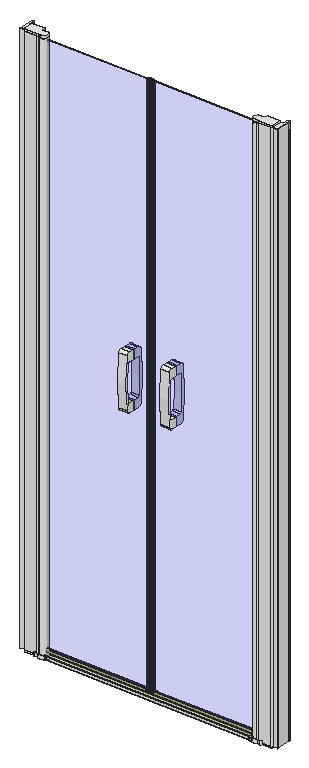
Revit family "SL2", category Plumbing Fixtures, Revit 2015
Parameters (values of type "900")
  Seal = Seal
  Glass = Glass
  Chrome = Chrome - Polished
  Aluminium = Aluminum - Polished
  A = 900 mm
  URL = "http://www.sanswiss.com/"
  Type Comments = ""
  Model = "SL2"
  Manufacturer = "SanSwiss"
Types (7, lengths in mm): name | A
  (no name) | 900
  700 | 700
  750 | 750
  800 | 800
  900 | 900
  1000 | 1000
  1200 | 1200
Reference planes
  plane 1 "Center (Front/Back)": y = 0
  plane 2: z = 0
  plane 3 "Center (Left/Right)": x = 0
  plane 4 "Back": y = 1900
  plane 5 "Left": x = -900
  plane 6: y = 1825.1
  plane 7: x = -806.4
  plane 8: y = 1828.3
  plane 9: x = -828.9
  plane 10 "middle": x = -450
  plane 11: x = -6.7
  plane 12: x = -457.069
  plane 13: x = -442.439
  plane 14: x = -508.85
  plane 15: x = -391.15
  plane 16: x = -838.856
  plane 17: x = -811.4
Forms (mm)
  Sweep 1, solid, material "Aluminum - Polished" <- "Aluminium"
    path origin (-10, 0, 0) x (1, 0, 0) y (0, 0, 1)
      loop
        line (-900, 4) -> (-900, 1946)
    profile origin (-910, 0, 975) x (-1, 0, 0) y (0, -1, 0)
      loop
        line (-35.676, -44.4) -> (-33.876, -42.6) -> (-18.652, -42.6)
        arc (-18.652, -42.6) -> (-17.142, -43.982) -> (-16.7, -45.981) r 3.398
        line (-16.7, -45.981) -> (-16.7, -61.6)
        arc (-16.7, -61.6) -> (-16.114, -63.014) -> (-14.7, -63.6) r 2
        line (-14.7, -63.6) -> (-11.132, -63.6)
        arc (-11.132, -63.6) -> (-10.555, -63.318) -> (-10.422, -62.691) r 0.732
        arc (-10.422, -62.691) -> (-9.569, -62.097) -> (-10, -61.151) r 0.812
        line (-10, -61.151) -> (-10, -11.787)
        arc (-10, -11.787) -> (-9.501, -11.09) -> (-10.01, -10.4) r 0.729
        line (-10.01, -10.4) -> (-26.3, -10.4) -> (-30.3, -6.4) -> (-71.884, -6.4) -> (-74.546, -9.061)
        arc (-74.546, -9.061) -> (-75.11, -9.818) -> (-75.165, -10.761) r 1.644
        arc (-75.165, -10.761) -> (-72.616, -20.38) -> (-77.164, -29.231) r 13.872
        line (-77.164, -29.231) -> (-81.522, -30.522)
        arc (-81.522, -30.522) -> (-81.818, -31.13) -> (-81.238, -31.479) r 0.501
        line (-81.238, -31.479) -> (-76.826, -30.59)
        arc (-76.826, -30.59) -> (-76.408, -30.336) -> (-76.248, -29.874) r 0.72
        arc (-76.248, -29.874) -> (-75.55, -29.599) -> (-74.801, -29.583) r 2.127
        arc (-74.801, -29.583) -> (-72.782, -30.26) -> (-71.1, -31.566) r 6.362
        line (-71.1, -31.566) -> (-71.1, -42.6)
        arc (-71.1, -42.6) -> (-70.573, -43.872) -> (-69.3, -44.4) r 1.8
        line (-69.3, -44.4) -> (-35.676, -44.4)
  Sweep 2, solid, material "Chrome - Polished" <- "Chrome"
    path origin (0, 0, 0) x (1, 0, 0) y (0, 0, 1)
      loop
        line (-900, 1946) -> (-900, 1947)
    profile origin (-900, 0, 1946.5) x (-1, 0, 0) y (0, -1, 0)
      loop
        line (0, -62.594) -> (0, -11.426)
        arc (0, -11.426) -> (-0.301, -10.7) -> (-1.027, -10.4) r 1.027
        line (-1.027, -10.4) -> (-33.876, -10.4) -> (-33.876, -42.6) -> (-8.652, -42.6)
        arc (-8.652, -42.6) -> (-7.142, -43.982) -> (-6.7, -45.981) r 3.398
        line (-6.7, -45.981) -> (-6.7, -61.6)
        arc (-6.7, -61.6) -> (-6.114, -63.014) -> (-4.7, -63.6) r 2
        line (-4.7, -63.6) -> (-1, -63.6) -> (-1, -62.594) -> (0, -62.594)
  Sweep 3, solid, material "Chrome - Polished" <- "Chrome"
    path origin (-9.957, 0, 0) x (1, 0, 0) y (0, 0, 1)
      loop
        line (-900, 1946) -> (-900, 1951)
    profile origin (-909.957, 0, 1948.5) x (-1, 0, 0) y (0, -1, 0)
      loop
        line (-26.3, -10.4) -> (-30.3, -6.4) -> (-71.884, -6.4) -> (-73.884, -8.4) -> (-79.172, -8.4)
        arc (-79.172, -8.4) -> (-98.11, -15.238) -> (-86.1, -31.4) r 12.543
        line (-86.1, -31.4) -> (-74.1, -31.4)
        arc (-74.1, -31.4) -> (-71.979, -32.278) -> (-71.1, -34.4) r 3
        line (-71.1, -34.4) -> (-71.1, -42.6)
        arc (-71.1, -42.6) -> (-70.573, -43.872) -> (-69.3, -44.4) r 1.8
        line (-69.3, -44.4) -> (-35.676, -44.4) -> (-33.876, -42.6) -> (-26.851, -42.6)
        arc (-26.851, -42.6) -> (-26.461, -42.438) -> (-26.3, -42.049) r 0.551
        line (-26.3, -42.049) -> (-26.3, -10.4)
  Sweep 4, solid, material "Chrome - Polished" <- "Chrome"
    path origin (-9.957, 0, 0) x (1, 0, 0) y (0, 0, 1)
      loop
        line (-900, 0) -> (-900, 4)
    profile origin (-909.957, 0, 2) x (-1, 0, 0) y (0, -1, 0)
      loop
        line (-26.3, -42.6) -> (-26.3, -10.4) -> (-30.3, -6.4) -> (-71.884, -6.4) -> (-73.884, -8.4) -> (-79.172, -8.4)
        arc (-79.172, -8.4) -> (-98.11, -15.238) -> (-86.1, -31.4) r 12.543
        line (-86.1, -31.4) -> (-74.1, -31.4)
        arc (-74.1, -31.4) -> (-72.049, -32.208) -> (-71.1, -34.197) r 3.007
        line (-71.1, -34.197) -> (-71.1, -42.6)
        arc (-71.1, -42.6) -> (-70.573, -43.872) -> (-69.3, -44.4) r 1.8
        line (-69.3, -44.4) -> (-35.676, -44.4) -> (-33.876, -42.6) -> (-26.3, -42.6)
  Sweep 5, solid, material "Aluminum - Polished" <- "Aluminium"
    path origin (-10, 0, 0) x (1, 0, 0) y (0, 0, 1)
      loop
        line (-900, 4) -> (-900, 1940)
    profile origin (-910, 0, 972) x (-1, 0, 0) y (0, -1, 0)
      loop
        arc (-86.1, -31.4) -> (-74.09, -22.474) -> (-79.172, -8.4) r 12.543
        arc (-79.172, -8.4) -> (-98.11, -15.238) -> (-86.1, -31.4) r 12.543
  Extrusion 6, solid, material "Glass" <- "Glass"
    sketch origin (0, 0, 1950) x (-1, 0, 0) y (0, -1, 0)
      loop
        line (828.9, -21.9) -> (828.9, -15.9) -> (457.069, -15.9) -> (457.069, -21.9) -> (828.9, -21.9)
      loop
        line (442.439, -15.9) -> (78.204, -15.9) -> (78.204, -21.9) -> (442.439, -21.9) -> (442.439, -15.9)
    from -1934.5 to -11.5
  Extrusion 7, solid, material "Seal" <- "Seal"
    sketch origin (900, 0, 0) x (0, 1, 0) y (0, 0, 1)
      loop
        arc (16.331, 27.5) -> (15.637, 27.245) -> (15.333, 26.57) r 0.955
        line (15.333, 26.57) -> (14.507, 16.692)
        arc (14.507, 16.692) -> (15.106, 14.943) -> (16.799, 14.2) r 2.3
        line (16.799, 14.2) -> (18.287, 14.2)
        arc (18.287, 14.2) -> (18.558, 13.566) -> (18.688, 12.889) r 3.217
        arc (18.688, 12.889) -> (18.652, 12.266) -> (18.499, 11.661) r 3.299
        line (18.499, 11.661) -> (18.499, 2.4)
        arc (18.499, 2.4) -> (18.899, 2) -> (19.299, 2.4) r 0.4
        line (19.299, 2.4) -> (19.299, 11.633)
        arc (19.299, 11.633) -> (19.138, 12.251) -> (19.1, 12.889) r 3.299
        arc (19.1, 12.889) -> (19.23, 13.566) -> (19.501, 14.2) r 3.217
        line (19.501, 14.2) -> (21.086, 14.2)
        arc (21.086, 14.2) -> (22.877, 15.057) -> (23.333, 16.989) r 2.3
        arc (23.333, 16.989) -> (23.854, 17.21) -> (24.412, 17.295) r 2.259
        arc (24.412, 17.295) -> (24.777, 17.126) -> (24.954, 16.765) r 0.599
        line (24.954, 16.765) -> (26.702, 1.853)
        arc (26.702, 1.853) -> (27.146, 1.503) -> (27.496, 1.947) r 0.4
        line (27.496, 1.947) -> (25.772, 16.62)
        arc (25.772, 16.62) -> (25.865, 17.014) -> (26.189, 17.255) r 0.591
        line (26.189, 17.255) -> (28.461, 16.675)
        arc (28.461, 16.675) -> (28.883, 16.61) -> (29.263, 16.802) r 0.696
        arc (29.263, 16.802) -> (29.15, 17.546) -> (28.546, 17.995) r 0.99
        line (28.546, 17.995) -> (23.154, 19.371) -> (22.551, 26.57)
        arc (22.551, 26.57) -> (22.248, 27.245) -> (21.554, 27.5) r 0.955
        arc (21.554, 27.5) -> (21.109, 27.255) -> (21.031, 26.753) r 0.575
        line (21.031, 26.753) -> (21.296, 25.983) -> (22.082, 16.583)
        arc (22.082, 16.583) -> (21.765, 15.817) -> (20.999, 15.5) r 1.083
        line (20.999, 15.5) -> (16.886, 15.5)
        arc (16.886, 15.5) -> (16.12, 15.817) -> (15.802, 16.583) r 1.083
        line (15.802, 16.583) -> (16.589, 25.983) -> (16.854, 26.753)
        arc (16.854, 26.753) -> (16.776, 27.255) -> (16.331, 27.5) r 0.575
    from -1711.4 to -988.527
  Extrusion 8, solid, material "Aluminum - Polished" <- "Aluminium"
    sketch origin (0, 0, 0) x (0, 1, 0) y (0, 0, 1)
      loop
        line (4.2, 9) -> (4.2, 0.75)
        arc (4.2, 0.75) -> (4.296, 0.333) -> (4.567, 0) r 0.95
        line (4.567, 0) -> (14, 0)
        arc (14, 0) -> (14.588, 1.02) -> (14, 2.039) r 1.177
        line (14, 2.039) -> (10.768, 3.905)
        arc (10.768, 3.905) -> (10.237, 4.125) -> (9.668, 4.2) r 2.2
        line (9.668, 4.2) -> (8.6, 4.2) -> (8.6, 9)
        arc (8.6, 9) -> (8.248, 9.849) -> (7.4, 10.2) r 1.2
        line (7.4, 10.2) -> (5.4, 10.2)
        arc (5.4, 10.2) -> (4.551, 9.849) -> (4.2, 9) r 1.2
    from -806.4 to -84
  Sweep 9, solid, material "Seal" <- "Seal"
    path origin (0, 0, 0) x (1, 0, 0) y (0, 0, 1)
      loop
        line (-450, 1938.5) -> (-450, 19.7)
    profile origin (-450, 0, 979.1) x (0, -1, 0) y (1, 0, 0)
      loop
        line (-21.877, -13.476) -> (-22.148, -12.082) -> (-22.467, -11.365) -> (-22.947, -7.95)
        arc (-22.947, -7.95) -> (-22.732, -7.173) -> (-22.016, -6.8) r 1.012
        line (-22.016, -6.8) -> (-17.283, -6.8)
        arc (-17.283, -6.8) -> (-16.567, -7.173) -> (-16.352, -7.95) r 1.012
        line (-16.352, -7.95) -> (-16.832, -11.365) -> (-17.151, -12.082) -> (-17.485, -13.801)
        arc (-17.485, -13.801) -> (-16.617, -13.852) -> (-15.923, -13.328) r 1.26
        line (-15.923, -13.328) -> (-15.189, -8.11)
        arc (-15.189, -8.11) -> (-15.188, -7.561) -> (-15.266, -7.018) r 3.815
        arc (-15.266, -7.018) -> (-13.823, -5.314) -> (-13.185, -3.175) r 5.443
        arc (-13.185, -3.175) -> (-13.409, -1.464) -> (-14.322, 0) r 4.072
        line (-14.322, 0) -> (-24.977, 0)
        arc (-24.977, 0) -> (-25.89, -1.464) -> (-26.114, -3.175) r 4.072
        arc (-26.114, -3.175) -> (-25.477, -5.314) -> (-24.034, -7.018) r 5.443
        arc (-24.034, -7.018) -> (-24.111, -7.561) -> (-24.11, -8.11) r 3.815
        line (-24.11, -8.11) -> (-23.377, -13.328)
        arc (-23.377, -13.328) -> (-22.666, -13.797) -> (-21.877, -13.476) r 0.913
      loop
        line (-22.674, -0.4) -> (-22.674, -2.2) -> (-16.674, -2.2) -> (-16.674, -0.4) -> (-22.674, -0.4)
      loop
        arc (-23.541, -6.001) -> (-22.951, -5.594) -> (-22.254, -5.428) r 1.951
        line (-22.254, -5.428) -> (-17.074, -5.428)
        arc (-17.074, -5.428) -> (-16.376, -5.594) -> (-15.786, -6.001) r 1.951
        arc (-15.786, -6.001) -> (-15.371, -6.312) -> (-14.956, -6.001) r 0.433
        arc (-14.956, -6.001) -> (-14.032, -4.606) -> (-13.67, -2.972) r 4.586
        arc (-13.67, -2.972) -> (-13.878, -1.433) -> (-15.037, -0.4) r 2.237
        line (-15.037, -0.4) -> (-16.174, -0.4) -> (-16.174, -1.9)
        arc (-16.174, -1.9) -> (-16.408, -2.466) -> (-16.974, -2.7) r 0.8
        line (-16.974, -2.7) -> (-22.374, -2.7)
        arc (-22.374, -2.7) -> (-22.939, -2.466) -> (-23.174, -1.9) r 0.8
        line (-23.174, -1.9) -> (-23.174, -0.4) -> (-24.29, -0.4)
        arc (-24.29, -0.4) -> (-25.45, -1.433) -> (-25.657, -2.972) r 2.237
        arc (-25.657, -2.972) -> (-25.296, -4.606) -> (-24.371, -6.001) r 4.586
        arc (-24.371, -6.001) -> (-23.956, -6.312) -> (-23.541, -6.001) r 0.433
  Sweep 10, solid, material "Seal" <- "Seal"
    path origin (-906.7, 0, 0) x (-1, 0, 0) y (0, 0, 1)
      loop
        line (-456.7, 1938.5) -> (-456.7, 19.7)
    profile origin (-450, 0, 979.1) x (0, -1, 0) y (1, 0, 0)
      loop
        arc (-21.877, 13.476) -> (-22.666, 13.797) -> (-23.377, 13.328) r 0.913
        line (-23.377, 13.328) -> (-24.11, 8.11)
        arc (-24.11, 8.11) -> (-24.111, 7.561) -> (-24.034, 7.018) r 3.815
        arc (-24.034, 7.018) -> (-25.477, 5.314) -> (-26.114, 3.175) r 5.443
        arc (-26.114, 3.175) -> (-25.89, 1.464) -> (-24.977, 0) r 4.072
        line (-24.977, 0) -> (-14.322, 0)
        arc (-14.322, 0) -> (-13.409, 1.464) -> (-13.185, 3.175) r 4.072
        arc (-13.185, 3.175) -> (-13.823, 5.314) -> (-15.266, 7.018) r 5.443
        arc (-15.266, 7.018) -> (-15.188, 7.561) -> (-15.189, 8.11) r 3.815
        line (-15.189, 8.11) -> (-15.923, 13.328)
        arc (-15.923, 13.328) -> (-16.617, 13.852) -> (-17.485, 13.801) r 1.26
        line (-17.485, 13.801) -> (-17.151, 12.082) -> (-16.832, 11.365) -> (-16.352, 7.95)
        arc (-16.352, 7.95) -> (-16.567, 7.173) -> (-17.283, 6.8) r 1.012
        line (-17.283, 6.8) -> (-22.016, 6.8)
        arc (-22.016, 6.8) -> (-22.732, 7.173) -> (-22.947, 7.95) r 1.012
        line (-22.947, 7.95) -> (-22.467, 11.365) -> (-22.148, 12.082) -> (-21.877, 13.476)
      loop
        line (-22.674, 0.4) -> (-16.674, 0.4) -> (-16.674, 2.2) -> (-22.674, 2.2) -> (-22.674, 0.4)
      loop
        arc (-23.541, 6.001) -> (-23.956, 6.312) -> (-24.371, 6.001) r 0.433
        arc (-24.371, 6.001) -> (-25.296, 4.606) -> (-25.657, 2.972) r 4.586
        arc (-25.657, 2.972) -> (-25.45, 1.433) -> (-24.29, 0.4) r 2.237
        line (-24.29, 0.4) -> (-23.174, 0.4) -> (-23.174, 1.9)
        arc (-23.174, 1.9) -> (-22.939, 2.466) -> (-22.374, 2.7) r 0.8
        line (-22.374, 2.7) -> (-16.974, 2.7)
        arc (-16.974, 2.7) -> (-16.408, 2.466) -> (-16.174, 1.9) r 0.8
        line (-16.174, 1.9) -> (-16.174, 0.4) -> (-15.037, 0.4)
        arc (-15.037, 0.4) -> (-13.878, 1.433) -> (-13.67, 2.972) r 2.237
        arc (-13.67, 2.972) -> (-14.032, 4.606) -> (-14.956, 6.001) r 4.586
        arc (-14.956, 6.001) -> (-15.371, 6.312) -> (-15.786, 6.001) r 0.433
        arc (-15.786, 6.001) -> (-16.376, 5.594) -> (-17.074, 5.428) r 1.951
        line (-17.074, 5.428) -> (-22.254, 5.428)
        arc (-22.254, 5.428) -> (-22.951, 5.594) -> (-23.541, 6.001) r 1.951
  Sweep 11, solid, material "Aluminum - Polished" <- "Aluminium"
    path origin (-889.788, -0.389, 0) x (-1, 0, 0) y (0, 0, -1)
      loop
        line (-900, -4) -> (-900, -1940)
    profile origin (10.212, -0.389, 972) x (-1, 0, 0) y (0, -1, 0)
      loop
        arc (86.1, -31.4) -> (98.11, -15.238) -> (79.172, -8.4) r 12.543
        arc (79.172, -8.4) -> (74.09, -22.474) -> (86.1, -31.4) r 12.543
  Sweep 12, void
    path origin (0, 0, 0) x (1, 0, 0) y (0, 0, 1)
      loop
        line (-450, 19.7) -> (-450, 29.13)
    profile origin (-450, 0, 24.415) x (-1, 0, 0) y (0, -1, 0)
      loop
        line (14.647, -40.328) -> (14.647, -1.366) -> (-14.647, -1.366) -> (-14.647, -40.328) -> (14.647, -40.328)
  Sweep 13, solid, material "Aluminum - Polished" <- "Aluminium"
    path origin (910.004, 0, 0) x (1, 0, 0) y (0, 0, 1)
      loop
        line (-900, 4) -> (-900, 1946)
    profile origin (10.004, 0, 975) x (-1, 0, 0) y (0, -1, 0)
      loop
        line (35.676, -44.102) -> (69.3, -44.102)
        arc (69.3, -44.102) -> (70.573, -43.575) -> (71.1, -42.302) r 1.8
        line (71.1, -42.302) -> (71.1, -31.268)
        arc (71.1, -31.268) -> (72.782, -29.963) -> (74.801, -29.286) r 6.362
        arc (74.801, -29.286) -> (75.55, -29.302) -> (76.248, -29.577) r 2.127
        arc (76.248, -29.577) -> (76.408, -30.039) -> (76.826, -30.292) r 0.72
        line (76.826, -30.292) -> (81.238, -31.181)
        arc (81.238, -31.181) -> (81.818, -30.832) -> (81.522, -30.224) r 0.501
        line (81.522, -30.224) -> (77.164, -28.933)
        arc (77.164, -28.933) -> (72.616, -20.083) -> (75.165, -10.463) r 13.872
        arc (75.165, -10.463) -> (75.11, -9.521) -> (74.546, -8.764) r 1.644
        line (74.546, -8.764) -> (71.884, -6.102) -> (30.3, -6.102) -> (26.3, -10.102) -> (10.262, -10.102)
        arc (10.262, -10.102) -> (9.753, -10.792) -> (10.253, -11.49) r 0.729
        line (10.253, -11.49) -> (10.253, -60.854)
        arc (10.253, -60.854) -> (9.822, -61.799) -> (10.674, -62.394) r 0.812
        arc (10.674, -62.394) -> (10.808, -63.021) -> (11.384, -63.302) r 0.732
        line (11.384, -63.302) -> (14.953, -63.302)
        arc (14.953, -63.302) -> (16.367, -62.716) -> (16.953, -61.302) r 2
        line (16.953, -61.302) -> (16.953, -45.684)
        arc (16.953, -45.684) -> (17.394, -43.685) -> (18.905, -42.302) r 3.398
        line (18.905, -42.302) -> (33.876, -42.302) -> (35.676, -44.102)
  Sweep 14, solid, material "Chrome - Polished" <- "Chrome"
    path origin (-899.996, -0.297, 8.738) x (-1, 0, 0) y (0, 0, -1)
      loop
        line (-900, -1937.262) -> (-900, -1938.262)
    profile origin (0.004, -0.297, 1946.5) x (-1, 0, 0) y (0, -1, 0)
      loop
        line (0, -62.594) -> (1, -62.594) -> (1, -63.6) -> (4.7, -63.6)
        arc (4.7, -63.6) -> (6.114, -63.014) -> (6.7, -61.6) r 2
        line (6.7, -61.6) -> (6.7, -45.981)
        arc (6.7, -45.981) -> (7.142, -43.982) -> (8.652, -42.6) r 3.398
        line (8.652, -42.6) -> (33.876, -42.6) -> (33.876, -10.4) -> (1.027, -10.4)
        arc (1.027, -10.4) -> (0.301, -10.7) -> (0, -11.426) r 1.027
        line (0, -11.426) -> (0, -62.594)
  Sweep 15, solid, material "Chrome - Polished" <- "Chrome"
    path origin (-889.996, -0.297, 8.738) x (-1, 0, 0) y (0, 0, -1)
      loop
        line (-900, -1937.262) -> (-900, -1942.262)
    profile origin (10.004, -0.297, 1948.5) x (-1, 0, 0) y (0, -1, 0)
      loop
        line (26.3, -10.4) -> (26.3, -42.049)
        arc (26.3, -42.049) -> (26.461, -42.438) -> (26.851, -42.6) r 0.551
        line (26.851, -42.6) -> (33.876, -42.6) -> (35.676, -44.4) -> (69.3, -44.4)
        arc (69.3, -44.4) -> (70.573, -43.872) -> (71.1, -42.6) r 1.8
        line (71.1, -42.6) -> (71.1, -34.4)
        arc (71.1, -34.4) -> (71.979, -32.278) -> (74.1, -31.4) r 3
        line (74.1, -31.4) -> (86.1, -31.4)
        arc (86.1, -31.4) -> (98.11, -15.238) -> (79.172, -8.4) r 12.543
        line (79.172, -8.4) -> (73.884, -8.4) -> (71.884, -6.4) -> (30.3, -6.4) -> (26.3, -10.4)
  Sweep 16, solid, material "Chrome - Polished" <- "Chrome"
    path origin (-1889.996, -0.297, 0) x (-1, 0, 0) y (0, 0, -1)
      loop
        line (-1900, 0) -> (-1900, -4)
    profile origin (10.004, -0.297, 2) x (-1, 0, 0) y (0, -1, 0)
      loop
        line (26.3, -42.6) -> (33.876, -42.6) -> (35.676, -44.4) -> (69.3, -44.4)
        arc (69.3, -44.4) -> (70.573, -43.872) -> (71.1, -42.6) r 1.8
        line (71.1, -42.6) -> (71.1, -34.197)
        arc (71.1, -34.197) -> (72.049, -32.208) -> (74.1, -31.4) r 3.007
        line (74.1, -31.4) -> (86.1, -31.4)
        arc (86.1, -31.4) -> (98.11, -15.238) -> (79.172, -8.4) r 12.543
        line (79.172, -8.4) -> (73.884, -8.4) -> (71.884, -6.4) -> (30.3, -6.4) -> (26.3, -10.4) -> (26.3, -42.6)
Cuts and joins
  Sweep 12 cuts Extrusion 7
Dimensions and locks
  locked: plane 4 "Back" to plane 1 "Center (Front/Back)" at 1900
  "A": plane 5 "Left" to plane 3 "Center (Left/Right)"
  locked: plane 4 "Back" to plane 6 at 74.9
  plane 5 "Left" to Extrusion 8 = 93.6 mm
  locked: plane 4 "Back" to plane 8 at 71.7
  locked: plane 5 "Left" to plane 9 at 71.1
  plane 12 to plane 10 "middle" to plane 13 = 7.069 mm locked, 7.561 mm locked
  plane 14 to plane 10 "middle" to plane 15 = 58.85 mm locked, 58.85 mm locked
  locked: plane 5 "Left" to plane 7 at 93.6
  locked: plane 5 "Left" to plane 16 at 61.144
  locked: plane 5 "Left" to plane 17 at 88.6
  equal spacing: plane 5 "Left", plane 10 "middle", plane 3 "Center (Left/Right)"
  aligned and locked: level to plane 2
  aligned and locked: nested 1 to plane 14
  aligned and locked: nested 8 to plane 15
  aligned and locked: plane 14 to nested 1
  aligned and locked: plane 9 to Extrusion 6
  aligned and locked: plane 7 to Extrusion 8
  aligned and locked: nested 2 to plane 7
  aligned and locked: nested 4 to plane 16
  aligned and locked: nested 3 to plane 16
  aligned and locked: plane 17 to cut or joined group of Extrusion 7, Sweep 12
Automatic sketch dimensions
  Sweep 1 sketch curve to plane 5 "Left" = 10 mm
  level to Sweep 1 sketch curve = 4 mm
  Sweep 1 sketch curve to Sweep 1 sketch curve = 1942 mm
  Sweep 1 sketch curve to plane 1 "Center (Front/Back)" = 18.887 mm
  profile plane to Sweep 1 sketch curve = 86.407 mm
  Sweep 1 sketch curve to plane 1 "Center (Front/Back)" = 30.522 mm
  Sweep 1 sketch curve to Sweep 1 sketch curve = 4.886 mm
  Sweep 1 sketch curve to Sweep 1 sketch curve = 0.184 mm
  Sweep 1 sketch curve to plane 1 "Center (Front/Back)" = 31.479 mm
  Sweep 1 sketch curve to Sweep 1 sketch curve = 0.099 mm
  Sweep 1 sketch curve to plane 1 "Center (Front/Back)" = 29.231 mm
  Sweep 1 sketch curve to Sweep 1 sketch curve = 4.173 mm
  Sweep 1 sketch curve to Sweep 1 sketch curve = 0.197 mm
  Sweep 1 sketch curve to plane 1 "Center (Front/Back)" = 30.59 mm
  Sweep 1 sketch curve to Sweep 1 sketch curve = 0.142 mm
  Sweep 1 sketch curve to Sweep 1 sketch curve = 1.039 mm
  Sweep 1 sketch curve to Sweep 1 sketch curve = 1.695 mm
  Sweep 1 sketch curve to plane 1 "Center (Front/Back)" = 9.061 mm
  Sweep 1 sketch curve to Sweep 1 sketch curve = 11.861 mm
  Sweep 1 sketch curve to Sweep 1 sketch curve = 0.981 mm
  Sweep 1 sketch curve to plane 1 "Center (Front/Back)" = 6.4 mm
  Sweep 1 sketch curve to Sweep 1 sketch curve = 2.662 mm
  Sweep 1 sketch curve to Sweep 1 sketch curve = 4.687 mm
  Sweep 1 sketch curve to Sweep 1 sketch curve = 1.8 mm  (x3)
  Sweep 1 sketch curve to Sweep 1 sketch curve = 33.624 mm
  profile plane to Sweep 1 sketch curve = 30.3 mm
  Sweep 1 sketch curve to Sweep 1 sketch curve = 4 mm
  Sweep 1 sketch curve to Sweep 1 sketch curve = 13.791 mm
  Sweep 1 sketch curve to Sweep 1 sketch curve = 1.432 mm
  Sweep 1 sketch curve to Sweep 1 sketch curve = 3.384 mm
  Sweep 1 sketch curve to Sweep 1 sketch curve = 2 mm
  Sweep 1 sketch curve to Sweep 1 sketch curve = 3.568 mm
  Sweep 1 sketch curve to Sweep 1 sketch curve = 0.78 mm
  profile plane to Sweep 1 sketch curve = 10.23 mm
  Sweep 1 sketch curve to Sweep 1 sketch curve = 0.22 mm
  Sweep 1 sketch curve to Sweep 1 sketch curve = 0.23 mm
  Sweep 1 sketch curve to Sweep 1 sketch curve = 0.976 mm
  Sweep 1 sketch curve to Sweep 1 sketch curve = 1.094 mm
  Sweep 1 sketch curve to Sweep 1 sketch curve = 4.184 mm
  Sweep 1 sketch curve to Sweep 1 sketch curve = 6.731 mm
  Sweep 1 sketch curve to Sweep 1 sketch curve = 3.081 mm
  Sweep 1 sketch curve to Sweep 1 sketch curve = 15.17 mm
  Sweep 1 sketch curve to Sweep 1 sketch curve = 0.448 mm
  Sweep 1 sketch curve to Sweep 1 sketch curve = 0.731 mm
  Sweep 1 sketch curve to Sweep 1 sketch curve = 0.732 mm
  Sweep 1 sketch curve to Sweep 1 sketch curve = 0.653 mm
  Sweep 1 sketch curve to plane 1 "Center (Front/Back)" = 11.787 mm
  Sweep 1 sketch curve to Sweep 1 sketch curve = 0.692 mm
  Sweep 1 sketch curve to Sweep 1 sketch curve = 1.319 mm
  Sweep 1 sketch curve to Sweep 1 sketch curve = 0.72 mm
  Sweep 2 sketch curve to plane 5 "Left" = 0 mm
  level to Sweep 2 sketch curve = 1946 mm
  Sweep 2 sketch curve to Sweep 2 sketch curve = 1 mm
  Sweep 2 sketch curve to profile plane = 0 mm
  profile plane to Sweep 2 sketch curve = 1 mm
  profile plane to Sweep 2 sketch curve = 1.027 mm
  Sweep 2 sketch curve to Sweep 2 sketch curve = 3.7 mm
  profile plane to Sweep 2 sketch curve = 6.7 mm
  Sweep 2 sketch curve to Sweep 2 sketch curve = 1.952 mm
  Sweep 2 sketch curve to Sweep 2 sketch curve = 3.384 mm
  Sweep 2 sketch curve to Sweep 2 sketch curve = 23.791 mm
  Sweep 2 sketch curve to plane 1 "Center (Front/Back)" = 63.6 mm
  Sweep 2 sketch curve to Sweep 2 sketch curve = 1.005 mm
  Sweep 2 sketch curve to Sweep 2 sketch curve = 15.618 mm
  Sweep 2 sketch curve to Sweep 2 sketch curve = 0.3 mm
  Sweep 2 sketch curve to plane 1 "Center (Front/Back)" = 11.426 mm
  Sweep 3 sketch curve to plane 5 "Left" = 9.957 mm
  level to Sweep 3 sketch curve = 1946 mm
  Sweep 3 sketch curve to Sweep 3 sketch curve = 5 mm
  profile plane to Sweep 3 sketch curve = 86.1 mm
  Sweep 3 sketch curve to Sweep 3 sketch curve = 6.928 mm
  Sweep 3 sketch curve to Sweep 3 sketch curve = 12 mm
  Sweep 3 sketch curve to Sweep 3 sketch curve = 5.287 mm
  Sweep 3 sketch curve to plane 1 "Center (Front/Back)" = 6.4 mm
  Sweep 3 sketch curve to Sweep 3 sketch curve = 2 mm  (x2)
  Sweep 3 sketch curve to Sweep 3 sketch curve = 3 mm
  Sweep 3 sketch curve to Sweep 3 sketch curve = 1.8 mm  (x2)
  Sweep 3 sketch curve to Sweep 3 sketch curve = 33.624 mm
  profile plane to Sweep 3 sketch curve = 30.3 mm
  Sweep 3 sketch curve to Sweep 3 sketch curve = 7.025 mm
  Sweep 3 sketch curve to Sweep 3 sketch curve = 0.551 mm
  Sweep 3 sketch curve to Sweep 3 sketch curve = 4 mm
  Sweep 3 sketch curve to Sweep 3 sketch curve = 10.457 mm
  Sweep 3 sketch curve to Sweep 3 sketch curve = 31.649 mm
  Sweep 3 sketch curve to Sweep 3 sketch curve = 8.2 mm
  Sweep 4 sketch curve to level = 0 mm
  level to Sweep 4 sketch curve = 4 mm
  Sweep 4 sketch curve to plane 5 "Left" = 9.957 mm
  Sweep 4 sketch curve to plane 1 "Center (Front/Back)" = 18.856 mm
  profile plane to Sweep 4 sketch curve = 86.1 mm
  Sweep 4 sketch curve to Sweep 4 sketch curve = 6.928 mm
  Sweep 4 sketch curve to Sweep 4 sketch curve = 12 mm
  Sweep 4 sketch curve to plane 1 "Center (Front/Back)" = 8.4 mm
  Sweep 4 sketch curve to Sweep 4 sketch curve = 5.287 mm
  Sweep 4 sketch curve to Sweep 4 sketch curve = 2 mm
  Sweep 4 sketch curve to Sweep 4 sketch curve = 3 mm
  Sweep 4 sketch curve to Sweep 4 sketch curve = 1.8 mm  (x3)
  Sweep 4 sketch curve to Sweep 4 sketch curve = 33.624 mm
  Sweep 4 sketch curve to plane 1 "Center (Front/Back)" = 6.4 mm
  profile plane to Sweep 4 sketch curve = 30.3 mm
  Sweep 4 sketch curve to plane 1 "Center (Front/Back)" = 10.4 mm
  Sweep 4 sketch curve to Sweep 4 sketch curve = 4 mm
  Sweep 4 sketch curve to Sweep 4 sketch curve = 2.798 mm
  Sweep 4 sketch curve to Sweep 4 sketch curve = 8.402 mm
  Sweep 5 sketch curve to plane 5 "Left" = 10 mm
  level to Sweep 5 sketch curve = 4 mm
  Sweep 5 sketch curve to Sweep 5 sketch curve = 1936 mm
  Sweep 5 sketch curve to Sweep 5 sketch curve = 0 mm  (x2)
  Sweep 5 sketch curve to plane 1 "Center (Front/Back)" = 18.856 mm
  profile plane to Sweep 5 sketch curve = 86.1 mm
  Sweep 5 sketch curve to Sweep 5 sketch curve = 6.928 mm
  Sweep 5 sketch curve to Sweep 5 sketch curve = 12.543 mm
  Extrusion 6 sketch curve to plane 13 = 0 mm
  Extrusion 6 sketch curve to plane 12 = 0 mm
  Extrusion 6 sketch curve to plane 9 = 0 mm
  Extrusion 6 sketch curve to plane 1 "Center (Front/Back)" = 21.9 mm
  Extrusion 6 sketch curve to plane 11 = 71.504 mm
  Extrusion 6 sketch curve to Extrusion 6 sketch curve = 0 mm
  Extrusion 6 sketch curve to Extrusion 6 sketch curve = 6 mm  (x2)
  Extrusion 7 sketch curve to plane 1 "Center (Front/Back)" = 14.507 mm
  Extrusion 7 sketch curve to Extrusion 7 sketch curve = 0.826 mm
  Extrusion 7 sketch curve to Extrusion 7 sketch curve = 0.884 mm
  Extrusion 7 sketch curve to Extrusion 7 sketch curve = 0.091 mm  (x2)
  Extrusion 7 sketch curve to Extrusion 7 sketch curve = 1.295 mm
  Extrusion 7 sketch curve to Extrusion 7 sketch curve = 0.954 mm  (x2)
  Extrusion 7 sketch curve to Extrusion 7 sketch curve = 0.017 mm  (x2)
  Extrusion 7 sketch curve to Extrusion 7 sketch curve = 0.301 mm
  Extrusion 7 sketch curve to Extrusion 7 sketch curve = 0.997 mm  (x2)
  Extrusion 7 sketch curve to Extrusion 7 sketch curve = 0.549 mm  (x2)
  Extrusion 7 sketch curve to Extrusion 7 sketch curve = 0.087 mm  (x2)
  Extrusion 7 sketch curve to Extrusion 7 sketch curve = 1.488 mm
  level to Extrusion 7 sketch curve = 2.4 mm
  Extrusion 7 sketch curve to Extrusion 7 sketch curve = 3.017 mm
  Extrusion 7 sketch curve to Extrusion 7 sketch curve = 0.4 mm
  Extrusion 7 sketch curve to Extrusion 7 sketch curve = 1.214 mm
  Extrusion 7 sketch curve to Extrusion 7 sketch curve = 1.498 mm
  Extrusion 7 sketch curve to Extrusion 7 sketch curve = 4.177 mm
  Extrusion 7 sketch curve to Extrusion 7 sketch curve = 0.265 mm
  Extrusion 7 sketch curve to Extrusion 7 sketch curve = 1.22 mm
  Extrusion 7 sketch curve to Extrusion 7 sketch curve = 1.071 mm
  Extrusion 7 sketch curve to Extrusion 7 sketch curve = 2.276 mm
  Extrusion 7 sketch curve to Extrusion 7 sketch curve = 0.111 mm
  Extrusion 7 sketch curve to Extrusion 7 sketch curve = 0.596 mm
  Extrusion 7 sketch curve to Extrusion 7 sketch curve = 0.818 mm
  level to Extrusion 7 sketch curve = 17.255 mm
  Extrusion 7 sketch curve to Extrusion 7 sketch curve = 0.417 mm
  Extrusion 7 sketch curve to Extrusion 7 sketch curve = 0.169 mm
  level to Extrusion 7 sketch curve = 1.853 mm
  Extrusion 7 sketch curve to Extrusion 7 sketch curve = 7.403 mm
  Extrusion 7 sketch curve to Extrusion 7 sketch curve = 0.397 mm  (x2)
  level to Extrusion 7 sketch curve = 1.947 mm
  Extrusion 7 sketch curve to Extrusion 7 sketch curve = 1.943 mm
  Extrusion 7 sketch curve to Extrusion 7 sketch curve = 0.16 mm
  level to Extrusion 7 sketch curve = 17.995 mm
  Extrusion 7 sketch curve to Extrusion 7 sketch curve = 0.245 mm
  Extrusion 7 sketch curve to Extrusion 7 sketch curve = 0.472 mm
  Extrusion 7 sketch curve to Extrusion 7 sketch curve = 5.622 mm
  Extrusion 7 sketch curve to Extrusion 7 sketch curve = 0.028 mm
  Extrusion 7 sketch curve to Extrusion 7 sketch curve = 0.965 mm
  Extrusion 7 sketch curve to Extrusion 7 sketch curve = 0.993 mm
  Extrusion 7 sketch curve to Extrusion 7 sketch curve = 0.142 mm  (x2)
  Extrusion 7 sketch curve to Extrusion 7 sketch curve = 1.433 mm  (x2)
  Extrusion 7 sketch curve to Extrusion 7 sketch curve = 2.218 mm
  Extrusion 7 sketch curve to Extrusion 7 sketch curve = 1.3 mm
  Extrusion 7 sketch curve to Extrusion 7 sketch curve = 0.083 mm  (x2)
  Extrusion 7 sketch curve to Extrusion 7 sketch curve = 0.635 mm
  Extrusion 7 sketch curve to Extrusion 7 sketch curve = 1.32 mm
  Extrusion 7 sketch curve to Extrusion 7 sketch curve = 0.078 mm
  Extrusion 7 sketch curve to Extrusion 7 sketch curve = 0.067 mm
  Extrusion 7 sketch curve to Extrusion 7 sketch curve = 0.361 mm
  Extrusion 7 sketch curve to Extrusion 7 sketch curve = 0.261 mm
  Extrusion 7 sketch curve to Extrusion 7 sketch curve = 2.673 mm
  Extrusion 7 sketch curve to Extrusion 7 sketch curve = 6.612 mm
  Extrusion 7 sketch curve to Extrusion 7 sketch curve = 0 mm
  Extrusion 7 sketch curve to Extrusion 7 sketch curve = 0.563 mm  (x2)
  Extrusion 7 sketch curve to Extrusion 7 sketch curve = 0.023 mm  (x2)
  Extrusion 7 sketch curve to Extrusion 7 sketch curve = 0.207 mm  (x2)
  Extrusion 7 sketch curve to Extrusion 7 sketch curve = 0.379 mm  (x2)
  Extrusion 7 sketch curve to Extrusion 7 sketch curve = 1.025 mm
  Extrusion 8 sketch curve to level = 0 mm
  level to Extrusion 8 sketch curve = 0.75 mm
  Extrusion 8 sketch curve to plane 1 "Center (Front/Back)" = 4.2 mm
  Extrusion 8 sketch curve to Extrusion 8 sketch curve = 0.367 mm
  Extrusion 8 sketch curve to Extrusion 8 sketch curve = 1.2 mm  (x2)
  Extrusion 8 sketch curve to Extrusion 8 sketch curve = 2 mm
  Extrusion 8 sketch curve to Extrusion 8 sketch curve = 1.068 mm
  level to Extrusion 8 sketch curve = 3.905 mm
  Extrusion 8 sketch curve to Extrusion 8 sketch curve = 1.1 mm
  level to Extrusion 8 sketch curve = 1.02 mm
  Extrusion 8 sketch curve to Extrusion 8 sketch curve = 3.743 mm
  level to Extrusion 8 sketch curve = 2.039 mm
  Extrusion 8 sketch curve to Extrusion 8 sketch curve = 0.589 mm
  level to Extrusion 8 sketch curve = 2 mm
  Extrusion 8 sketch curve to Extrusion 8 sketch curve = 4.8 mm
  Sweep 9 sketch curve to plane 10 "middle" = 0 mm
  level to Sweep 9 sketch curve = 19.7 mm
  Sweep 9 sketch curve to Sweep 9 sketch curve = 1918.8 mm
  Sweep 9 sketch curve to profile plane = 0 mm
  Sweep 9 sketch curve to plane 1 "Center (Front/Back)" = 24.977 mm
  Sweep 9 sketch curve to Sweep 9 sketch curve = 0.687 mm
  profile plane to Sweep 9 sketch curve = 8.11 mm  (x2)
  Sweep 9 sketch curve to Sweep 9 sketch curve = 0.18 mm
  Sweep 9 sketch curve to Sweep 9 sketch curve = 0.154 mm
  Sweep 9 sketch curve to Sweep 9 sketch curve = 0.816 mm
  Sweep 9 sketch curve to Sweep 9 sketch curve = 0.733 mm
  profile plane to Sweep 9 sketch curve = 0.4 mm  (x3)
  Sweep 9 sketch curve to Sweep 9 sketch curve = 1.116 mm
  profile plane to Sweep 9 sketch curve = 7.95 mm  (x2)
  Sweep 9 sketch curve to Sweep 9 sketch curve = 1.163 mm  (x2)
  Sweep 9 sketch curve to Sweep 9 sketch curve = 0.5 mm  (x2)
  Sweep 9 sketch curve to Sweep 9 sketch curve = 0.801 mm
  Sweep 9 sketch curve to Sweep 9 sketch curve = 0.109 mm
  Sweep 9 sketch curve to Sweep 9 sketch curve = 0.3 mm  (x3)
  Sweep 9 sketch curve to Sweep 9 sketch curve = 1.702 mm  (x2)
  Sweep 9 sketch curve to Sweep 9 sketch curve = 0.79 mm
  Sweep 9 sketch curve to Sweep 9 sketch curve = 0.319 mm  (x2)
  Sweep 9 sketch curve to Sweep 9 sketch curve = 0.318 mm
  Sweep 9 sketch curve to Sweep 9 sketch curve = 0.141 mm  (x2)
  Sweep 9 sketch curve to Sweep 9 sketch curve = 0.212 mm
  profile plane to Sweep 9 sketch curve = 13.476 mm
  Sweep 9 sketch curve to Sweep 9 sketch curve = 0.699 mm
  Sweep 9 sketch curve to Sweep 9 sketch curve = 0.982 mm
  Sweep 9 sketch curve to Sweep 9 sketch curve = 0.384 mm
  Sweep 9 sketch curve to Sweep 9 sketch curve = 1.64 mm  (x2)
  Sweep 9 sketch curve to Sweep 9 sketch curve = 1.311 mm
  Sweep 9 sketch curve to Sweep 9 sketch curve = 2.08 mm
  Sweep 9 sketch curve to Sweep 9 sketch curve = 0.356 mm
  Sweep 9 sketch curve to Sweep 9 sketch curve = 4.392 mm
  Sweep 9 sketch curve to Sweep 9 sketch curve = 0.071 mm
  Sweep 9 sketch curve to Sweep 9 sketch curve = 1.01 mm
  Sweep 9 sketch curve to Sweep 9 sketch curve = 0.183 mm
  Sweep 9 sketch curve to Sweep 9 sketch curve = 0.334 mm
  Sweep 9 sketch curve to Sweep 9 sketch curve = 0.209 mm
  Sweep 9 sketch curve to Sweep 9 sketch curve = 0.169 mm
  Sweep 9 sketch curve to Sweep 9 sketch curve = 0.27 mm
  Sweep 9 sketch curve to Sweep 9 sketch curve = 0.818 mm
  Sweep 9 sketch curve to Sweep 9 sketch curve = 1.06 mm
  Sweep 9 sketch curve to Sweep 9 sketch curve = 0.321 mm
  Sweep 9 sketch curve to Sweep 9 sketch curve = 1.136 mm
  Sweep 9 sketch curve to Sweep 9 sketch curve = 0.715 mm
  Sweep 9 sketch curve to Sweep 9 sketch curve = 0.325 mm
  Sweep 9 sketch curve to Sweep 9 sketch curve = 0.148 mm
  Sweep 9 sketch curve to Sweep 9 sketch curve = 0.473 mm
  Sweep 9 sketch curve to Sweep 9 sketch curve = 0.807 mm
  Sweep 9 sketch curve to Sweep 9 sketch curve = 0.563 mm
  Sweep 9 sketch curve to Sweep 9 sketch curve = 0.717 mm  (x2)
  Sweep 9 sketch curve to Sweep 9 sketch curve = 0.123 mm
  Sweep 9 sketch curve to Sweep 9 sketch curve = 0 mm  (x2)
  Sweep 9 sketch curve to Sweep 9 sketch curve = 0.432 mm  (x2)
  Sweep 9 sketch curve to Sweep 9 sketch curve = 0.921 mm  (x2)
  Sweep 9 sketch curve to Sweep 9 sketch curve = 1.372 mm
  Sweep 9 sketch curve to Sweep 9 sketch curve = 2.591 mm  (x2)
  Sweep 9 sketch curve to Sweep 9 sketch curve = 0.023 mm  (x2)
  Sweep 9 sketch curve to Sweep 9 sketch curve = 0.091 mm  (x2)
  Sweep 9 sketch curve to Sweep 9 sketch curve = 0.137 mm
  Sweep 9 sketch curve to Sweep 9 sketch curve = 0.583 mm  (x2)
  Sweep 9 sketch curve to Sweep 9 sketch curve = 0.457 mm
  Sweep 9 sketch curve to Sweep 9 sketch curve = 0.415 mm  (x3)
  Sweep 9 sketch curve to Sweep 9 sketch curve = 0.076 mm
  Sweep 10 sketch curve to plane 10 "middle" = 0 mm
  Sweep 10 sketch curve to level = 19.7 mm
  Sweep 10 sketch curve to Sweep 10 sketch curve = 1918.8 mm
  Sweep 10 sketch curve to profile plane = 0 mm
  Sweep 10 sketch curve to plane 1 "Center (Front/Back)" = 24.977 mm
  Sweep 10 sketch curve to Sweep 10 sketch curve = 0.687 mm
  Sweep 10 sketch curve to profile plane = 8.11 mm  (x2)
  Sweep 10 sketch curve to Sweep 10 sketch curve = 0.18 mm
  Sweep 10 sketch curve to Sweep 10 sketch curve = 0.154 mm
  Sweep 10 sketch curve to Sweep 10 sketch curve = 0.816 mm
  Sweep 10 sketch curve to Sweep 10 sketch curve = 0.733 mm
  Sweep 10 sketch curve to profile plane = 0.4 mm  (x3)
  Sweep 10 sketch curve to Sweep 10 sketch curve = 1.116 mm
  Sweep 10 sketch curve to profile plane = 7.95 mm  (x2)
  Sweep 10 sketch curve to Sweep 10 sketch curve = 1.163 mm  (x2)
  Sweep 10 sketch curve to Sweep 10 sketch curve = 0.5 mm  (x2)
  Sweep 10 sketch curve to Sweep 10 sketch curve = 0.801 mm
  Sweep 10 sketch curve to Sweep 10 sketch curve = 0.109 mm
  Sweep 10 sketch curve to Sweep 10 sketch curve = 0.3 mm  (x3)
  Sweep 10 sketch curve to Sweep 10 sketch curve = 1.702 mm  (x2)
  Sweep 10 sketch curve to Sweep 10 sketch curve = 0.79 mm
  Sweep 10 sketch curve to Sweep 10 sketch curve = 0.319 mm  (x2)
  Sweep 10 sketch curve to Sweep 10 sketch curve = 0.318 mm
  Sweep 10 sketch curve to Sweep 10 sketch curve = 0.141 mm
  Sweep 10 sketch curve to Sweep 10 sketch curve = 0.212 mm
  Sweep 10 sketch curve to profile plane = 13.476 mm
  Sweep 10 sketch curve to Sweep 10 sketch curve = 0.699 mm
  Sweep 10 sketch curve to Sweep 10 sketch curve = 0.982 mm
  Sweep 10 sketch curve to Sweep 10 sketch curve = 0.384 mm
  Sweep 10 sketch curve to Sweep 10 sketch curve = 1.64 mm  (x2)
  Sweep 10 sketch curve to Sweep 10 sketch curve = 1.311 mm
  Sweep 10 sketch curve to Sweep 10 sketch curve = 2.08 mm
  Sweep 10 sketch curve to Sweep 10 sketch curve = 0.356 mm
  Sweep 10 sketch curve to Sweep 10 sketch curve = 4.392 mm
  Sweep 10 sketch curve to Sweep 10 sketch curve = 0.071 mm
  Sweep 10 sketch curve to Sweep 10 sketch curve = 1.01 mm
  Sweep 10 sketch curve to Sweep 10 sketch curve = 0.183 mm
  Sweep 10 sketch curve to Sweep 10 sketch curve = 0.334 mm
  Sweep 10 sketch curve to Sweep 10 sketch curve = 0.209 mm
  Sweep 10 sketch curve to Sweep 10 sketch curve = 0.169 mm
  Sweep 10 sketch curve to Sweep 10 sketch curve = 0.27 mm
  Sweep 10 sketch curve to Sweep 10 sketch curve = 0.818 mm
  Sweep 10 sketch curve to Sweep 10 sketch curve = 1.06 mm
  Sweep 10 sketch curve to Sweep 10 sketch curve = 0.321 mm
  Sweep 10 sketch curve to Sweep 10 sketch curve = 1.136 mm
  Sweep 10 sketch curve to Sweep 10 sketch curve = 0.715 mm
  Sweep 10 sketch curve to Sweep 10 sketch curve = 1.5 mm
  Sweep 10 sketch curve to Sweep 10 sketch curve = 0.583 mm  (x2)
  Sweep 10 sketch curve to Sweep 10 sketch curve = 0.023 mm  (x2)
  Sweep 10 sketch curve to Sweep 10 sketch curve = 0.091 mm  (x2)
  Sweep 10 sketch curve to Sweep 10 sketch curve = 0.137 mm  (x2)
  Sweep 10 sketch curve to Sweep 10 sketch curve = 2.591 mm
  Sweep 10 sketch curve to Sweep 10 sketch curve = 0.451 mm  (x2)
  Sweep 10 sketch curve to Sweep 10 sketch curve = 1.372 mm
  Sweep 10 sketch curve to Sweep 10 sketch curve = 0.432 mm  (x2)
  Sweep 10 sketch curve to Sweep 10 sketch curve = 0.018 mm
  Sweep 10 sketch curve to Sweep 10 sketch curve = 0 mm  (x2)
  Sweep 10 sketch curve to Sweep 10 sketch curve = 3.416 mm
  Sweep 10 sketch curve to Sweep 10 sketch curve = 2.111 mm
  Sweep 10 sketch curve to Sweep 10 sketch curve = 0.717 mm  (x2)
  Sweep 10 sketch curve to Sweep 10 sketch curve = 0.563 mm
  Sweep 10 sketch curve to Sweep 10 sketch curve = 0.807 mm
  Sweep 10 sketch curve to Sweep 10 sketch curve = 0.682 mm
  Sweep 10 sketch curve to Sweep 10 sketch curve = 0.457 mm
  Sweep 10 sketch curve to Sweep 10 sketch curve = 0.415 mm  (x3)
  Sweep 10 sketch curve to Sweep 10 sketch curve = 0.076 mm
  plane 3 "Center (Left/Right)" to Sweep 11 sketch curve = 10.212 mm
  level to Sweep 11 sketch curve = 1940 mm
  level to Sweep 11 sketch curve = 4 mm
  Sweep 11 sketch curve to Sweep 11 sketch curve = 0 mm  (x2)
  Sweep 11 sketch curve to profile plane = 18.856 mm
  Sweep 11 sketch curve to profile plane = 86.1 mm
  Sweep 11 sketch curve to Sweep 11 sketch curve = 6.928 mm
  Sweep 11 sketch curve to Sweep 11 sketch curve = 12.543 mm
  Sweep 12 sketch curve to plane 10 "middle" = 0 mm
  level to Sweep 12 sketch curve = 19.7 mm
  Sweep 12 sketch curve to Sweep 12 sketch curve = 9.43 mm
  profile plane to Sweep 12 sketch curve = 14.647 mm
  Sweep 12 sketch curve to plane 1 "Center (Front/Back)" = 1.366 mm
  Sweep 12 sketch curve to profile plane = 14.647 mm
  Sweep 12 sketch curve to Sweep 12 sketch curve = 38.963 mm
  plane 3 "Center (Left/Right)" to Sweep 13 sketch curve = 10.004 mm
  level to Sweep 13 sketch curve = 4 mm
  Sweep 13 sketch curve to Sweep 13 sketch curve = 1942 mm
  Sweep 13 sketch curve to profile plane = 10.253 mm
  Sweep 13 sketch curve to Sweep 13 sketch curve = 0.01 mm
  Sweep 13 sketch curve to Sweep 13 sketch curve = 0.23 mm
  Sweep 13 sketch curve to Sweep 13 sketch curve = 0.352 mm
  Sweep 13 sketch curve to Sweep 13 sketch curve = 0.78 mm
  Sweep 13 sketch curve to Sweep 13 sketch curve = 3.568 mm
  Sweep 13 sketch curve to Sweep 13 sketch curve = 2 mm
  Sweep 13 sketch curve to Sweep 13 sketch curve = 1.952 mm
  Sweep 13 sketch curve to Sweep 13 sketch curve = 3.384 mm
  Sweep 13 sketch curve to Sweep 13 sketch curve = 15.818 mm
  Sweep 13 sketch curve to plane 1 "Center (Front/Back)" = 6.102 mm
  Sweep 13 sketch curve to Sweep 13 sketch curve = 4 mm
  Sweep 13 sketch curve to Sweep 13 sketch curve = 13.539 mm
  Sweep 13 sketch curve to Sweep 13 sketch curve = 1.8 mm  (x3)
  Sweep 13 sketch curve to Sweep 13 sketch curve = 33.624 mm
  Sweep 13 sketch curve to Sweep 13 sketch curve = 0.784 mm
  Sweep 13 sketch curve to Sweep 13 sketch curve = 1.68 mm
  Sweep 13 sketch curve to plane 1 "Center (Front/Back)" = 8.764 mm
  Sweep 13 sketch curve to Sweep 13 sketch curve = 0.981 mm
  Sweep 13 sketch curve to Sweep 13 sketch curve = 4.03 mm
  Sweep 13 sketch curve to Sweep 13 sketch curve = 0.656 mm
  Sweep 13 sketch curve to plane 1 "Center (Front/Back)" = 30.292 mm
  Sweep 13 sketch curve to Sweep 13 sketch curve = 1.695 mm
  Sweep 13 sketch curve to Sweep 13 sketch curve = 0.142 mm
  Sweep 13 sketch curve to plane 1 "Center (Front/Back)" = 28.933 mm
  Sweep 13 sketch curve to Sweep 13 sketch curve = 0.197 mm
  Sweep 13 sketch curve to plane 1 "Center (Front/Back)" = 31.181 mm
  Sweep 13 sketch curve to Sweep 13 sketch curve = 4.413 mm
  Sweep 13 sketch curve to Sweep 13 sketch curve = 0.099 mm
  Sweep 13 sketch curve to plane 1 "Center (Front/Back)" = 30.224 mm
  Sweep 13 sketch curve to Sweep 13 sketch curve = 0.184 mm
  Sweep 13 sketch curve to Sweep 13 sketch curve = 4.886 mm
  Sweep 13 sketch curve to Sweep 13 sketch curve = 0.976 mm
  Sweep 13 sketch curve to Sweep 13 sketch curve = 1.094 mm
  Sweep 13 sketch curve to Sweep 13 sketch curve = 4.184 mm
  Sweep 13 sketch curve to Sweep 13 sketch curve = 6.731 mm
  Sweep 13 sketch curve to Sweep 13 sketch curve = 3.081 mm
  Sweep 13 sketch curve to Sweep 13 sketch curve = 15.17 mm
  Sweep 13 sketch curve to Sweep 13 sketch curve = 0.448 mm
  Sweep 13 sketch curve to Sweep 13 sketch curve = 0.731 mm
  Sweep 13 sketch curve to Sweep 13 sketch curve = 0.732 mm
  Sweep 13 sketch curve to Sweep 13 sketch curve = 0.653 mm
  Sweep 13 sketch curve to Sweep 13 sketch curve = 11.635 mm
  Sweep 13 sketch curve to plane 1 "Center (Front/Back)" = 11.49 mm
  Sweep 13 sketch curve to Sweep 13 sketch curve = 0.692 mm
  Sweep 13 sketch curve to Sweep 13 sketch curve = 1.319 mm
  Sweep 13 sketch curve to Sweep 13 sketch curve = 0 mm
  plane 3 "Center (Left/Right)" to Sweep 14 sketch curve = 0.004 mm
  level to Sweep 14 sketch curve = 1947 mm
  Sweep 14 sketch curve to Sweep 14 sketch curve = 1 mm  (x2)
  Sweep 14 sketch curve to profile plane = 0 mm
  Sweep 14 sketch curve to Sweep 14 sketch curve = 1.027 mm
  Sweep 14 sketch curve to Sweep 14 sketch curve = 3.7 mm
  Sweep 14 sketch curve to profile plane = 6.7 mm
  Sweep 14 sketch curve to Sweep 14 sketch curve = 1.952 mm
  Sweep 14 sketch curve to Sweep 14 sketch curve = 3.384 mm
  Sweep 14 sketch curve to profile plane = 10.4 mm
  Sweep 14 sketch curve to Sweep 14 sketch curve = 32.849 mm
  Sweep 14 sketch curve to Sweep 14 sketch curve = 32.2 mm
  Sweep 14 sketch curve to Sweep 14 sketch curve = 3.081 mm
  Sweep 14 sketch curve to Sweep 14 sketch curve = 15.618 mm
  Sweep 14 sketch curve to Sweep 14 sketch curve = 1.005 mm
  plane 3 "Center (Left/Right)" to Sweep 15 sketch curve = 10.004 mm
  level to Sweep 15 sketch curve = 1951 mm
  Sweep 15 sketch curve to Sweep 15 sketch curve = 5 mm
  Sweep 15 sketch curve to profile plane = 26.3 mm
  Sweep 15 sketch curve to Sweep 15 sketch curve = 0.551 mm
  Sweep 15 sketch curve to profile plane = 6.4 mm
  Sweep 15 sketch curve to Sweep 15 sketch curve = 4 mm  (x2)
  Sweep 15 sketch curve to Sweep 15 sketch curve = 7.025 mm
  Sweep 15 sketch curve to Sweep 15 sketch curve = 1.8 mm  (x2)
  Sweep 15 sketch curve to Sweep 15 sketch curve = 33.624 mm
  Sweep 15 sketch curve to Sweep 15 sketch curve = 0.784 mm
  Sweep 15 sketch curve to Sweep 15 sketch curve = 2 mm  (x2)
  Sweep 15 sketch curve to Sweep 15 sketch curve = 3 mm
  Sweep 15 sketch curve to Sweep 15 sketch curve = 5.287 mm
  Sweep 15 sketch curve to Sweep 15 sketch curve = 12 mm
  Sweep 15 sketch curve to Sweep 15 sketch curve = 10.457 mm
  Sweep 15 sketch curve to Sweep 15 sketch curve = 31.649 mm
  Sweep 15 sketch curve to Sweep 15 sketch curve = 8.2 mm
  plane 11 to Sweep 16 sketch curve = 16.704 mm
  level to Sweep 16 sketch curve = 4 mm
  Sweep 16 sketch curve to Sweep 16 sketch curve = 4 mm  (x3)
  Sweep 16 sketch curve to profile plane = 26.3 mm
  Sweep 16 sketch curve to profile plane = 6.4 mm
  Sweep 16 sketch curve to Sweep 16 sketch curve = 7.576 mm
  Sweep 16 sketch curve to Sweep 16 sketch curve = 1.8 mm  (x3)
  Sweep 16 sketch curve to Sweep 16 sketch curve = 33.624 mm
  Sweep 16 sketch curve to Sweep 16 sketch curve = 0.784 mm
  Sweep 16 sketch curve to Sweep 16 sketch curve = 2 mm  (x2)
  Sweep 16 sketch curve to Sweep 16 sketch curve = 3 mm
  Sweep 16 sketch curve to Sweep 16 sketch curve = 5.287 mm
  Sweep 16 sketch curve to Sweep 16 sketch curve = 6.928 mm
  Sweep 16 sketch curve to Sweep 16 sketch curve = 10.457 mm
  Sweep 16 sketch curve to Sweep 16 sketch curve = 2.798 mm
  Sweep 16 sketch curve to Sweep 16 sketch curve = 8.402 mm
Nested families
  nested 1: "doorknob" at (-523.85, 18.9, 981.177), type "doorknob"
  nested 2: "left support" at (-806.4, 3.2, 0), type "left support"
  nested 3: "button" at (-838.856, 36.255, 97) x (0, 1, 0) z (0, 0, 1), type "button"
  nested 4: "button" at (-838.856, 36.255, 1845.98) x (0, 1, 0) z (0, 0, 1), type "button"
  nested 5: "left support" at (-93.527, 3.142, 0) x (-1, 0, 0) z (0, 0, 1), type "left support"
  nested 6: "button" at (-51.5, 36.255, 97) x (0, 1, 0) z (0, 0, 1), type "button"
  nested 7: "button" at (-51.5, 36.255, 1845.98) x (0, 1, 0) z (0, 0, 1), type "button"
  nested 8: "doorknob" at (-376.15, 18.9, 981.177) x (-1, 0, 0) z (0, 0, 1), type "doorknob"
  nested 9: "button" at (-61.096, 36.255, 1854) x (0, 1, 0) z (0, 0, 1), type "button"
  nested 10: "button" at (-61.096, 36.255, 105) x (0, 1, 0) z (0, 0, 1), type "button"
Definition of nested family "doorknob"
  Parameters (values of type "doorknob")
    Material = none
  Reference planes
    plane 1 "Center (Front/Back)": y = 0
    plane 2: z = 0
    plane 3 "Center (Left/Right)": x = 0
  Forms (mm)
    Extrusion 1, solid, material <- "Material"
      sketch origin (0, 0, 0) x (0, 1, 0) y (0, 0, 1)
        loop
          line (18.345, 90.823) -> (3.5, 90.823) -> (3.5, 60.823) -> (21.441, 60.823)
          arc (21.441, 60.823) -> (24.781, 59.546) -> (26.406, 56.36) r 4.984
          arc (26.406, 56.36) -> (29.579, -4.173) -> (26.406, -64.707) r 579.108
          arc (26.406, -64.707) -> (24.782, -67.895) -> (21.441, -69.177) r 4.992
          line (21.441, -69.177) -> (3.5, -69.177) -> (3.5, -99.177) -> (18.345, -99.177)
          arc (18.345, -99.177) -> (24.88, -96.739) -> (28.22, -90.616) r 9.976
          arc (28.22, -90.616) -> (34.264, -4.189) -> (28.22, 82.239) r 621.006
          arc (28.22, 82.239) -> (24.887, 88.377) -> (18.345, 90.823) r 9.972
        loop
          arc (-18.345, 90.823) -> (-24.887, 88.377) -> (-28.22, 82.239) r 9.972
          arc (-28.22, 82.239) -> (-34.264, -4.189) -> (-28.22, -90.616) r 621.006
          arc (-28.22, -90.616) -> (-24.88, -96.739) -> (-18.345, -99.177) r 9.976
          line (-18.345, -99.177) -> (-3.5, -99.177) -> (-3.5, -69.177) -> (-21.441, -69.177)
          arc (-21.441, -69.177) -> (-24.782, -67.895) -> (-26.406, -64.707) r 4.992
          arc (-26.406, -64.707) -> (-29.579, -4.173) -> (-26.406, 56.36) r 579.108
          arc (-26.406, 56.36) -> (-24.781, 59.546) -> (-21.441, 60.823) r 4.984
          line (-21.441, 60.823) -> (-3.5, 60.823) -> (-3.5, 90.823) -> (-18.345, 90.823)
      from -15 to 15
  Dimensions and locks
    aligned and locked: level to plane 2
Definition of nested family "left support"
  Parameters (values of type "left support")
    Material = none
  Reference planes
    plane 1 "Center (Front/Back)": y = 0
    plane 2: z = 0
    plane 3 "Center (Left/Right)": x = 0
  Forms (mm)
    Extrusion 1, solid, material <- "Material"
      sketch origin (0, 0, 0) x (1, 0, 0) y (0, 1, 0)
        loop
          arc (-9.131, 6.4) -> (-16.584, 3.298) -> (-24.428, 5.2) r 12.982
          line (-24.428, 5.2) -> (-29.716, 5.2) -> (-31.716, 3.2) -> (-42, 3.2)
          arc (-42, 3.2) -> (-41.063, 0.937) -> (-38.8, 0) r 3.2
          line (-38.8, 0) -> (-27.95, 0)
          arc (-27.95, 0) -> (-17.5, -2.995) -> (-7.05, 0) r 19.726
          line (-7.05, 0) -> (-0.556, 0)
          arc (-0.556, 0) -> (-0.163, 0.163) -> (0, 0.556) r 0.556
          line (0, 0.556) -> (0, 6.4) -> (-9.131, 6.4)
      from 0 to 11.2
    Extrusion 2, void
      sketch origin (0, 0, 0) x (0, 1, 0) y (0, 0, 1)
        loop
          arc (5.399, 11.2) -> (6.107, 10.907) -> (6.4, 10.199) r 1.001
          line (6.4, 10.199) -> (6.4, 11.2) -> (5.399, 11.2)
      from -75.994 to 23.855
    Extrusion 3, void
      sketch origin (0, 0, 0) x (1, 0, 0) y (0, 1, 0)
        loop
          arc (-9.131, 6.4) -> (-16.584, 3.298) -> (-24.428, 5.2) r 12.982
          line (-24.428, 5.2) -> (-30.115, 5.2)
          arc (-30.115, 5.2) -> (-17.608, -0.944) -> (-5, 4.992) r 16.074
          line (-5, 4.992) -> (-5, 6.4) -> (-9.131, 6.4)
      from 5.2 to 15.772
    Extrusion 4, solid, material <- "Material"
      sketch origin (0, 0, 0) x (0, 1, 0) y (0, 0, 1)
        loop
          arc (8.068, 4.771) -> (7.263, 5.1) -> (6.4, 5.2) r 3.205
          line (6.4, 5.2) -> (6.4, 0) -> (12.4, 0) -> (12.4, 1)
          arc (12.4, 1) -> (12.105, 2.1) -> (11.3, 2.905) r 2.2
          line (11.3, 2.905) -> (8.068, 4.771)
      from -9.131 to 0
    Extrusion 5, void
      sketch origin (0, 0, 0) x (1, 0, 0) y (0, 1, 0)
        loop
          arc (-9.131, 6.4) -> (-6.844, 9.127) -> (-5.445, 12.4) r 12.149
          line (-5.445, 12.4) -> (-9.131, 12.4) -> (-9.131, 6.4)
      from -11.975 to 24.567
  Cuts and joins
    Extrusion 2, Extrusion 3 cuts Extrusion 1
    Extrusion 5 cuts Extrusion 4
  Dimensions and locks
    aligned and locked: level to plane 2
Definition of nested family "button"
  Parameters (values of type "button")
    Material = none
  Reference planes
    plane 1 "Center (Front/Back)": y = 0
    plane 2: z = 0
    plane 3 "Center (Left/Right)": x = 0
  Forms (mm)
    Extrusion 1, solid, material <- "Material"
      sketch origin (-59.579, -26, 4000) x (-1, 0, 0) y (0, 0, 1)
        loop
          arc (-64.865, -4005.4) -> (-59.765, -4010.5) -> (-54.665, -4005.4) r 5.1
          line (-54.665, -4005.4) -> (-54.665, -3994.6)
          arc (-54.665, -3994.6) -> (-59.765, -3989.5) -> (-64.865, -3994.6) r 5.1
          line (-64.865, -3994.6) -> (-64.865, -4005.4)
      from 23 to 26
    Sweep 2, void
      path origin (-59.579, -26, 4000) x (-1, 0, 0) y (0, 0, 1)
        loop
          line (-64.865, -3994.6) -> (-64.865, -4005.4)
          arc (-64.865, -4005.4) -> (-59.765, -4010.5) -> (-54.665, -4005.4) r 5.1
          line (-54.665, -4005.4) -> (-54.665, -3994.6)
          arc (-54.665, -3994.6) -> (-59.765, -3989.5) -> (-64.865, -3994.6) r 5.1
      profile origin (5.287, -26, 0) x (0, 1, 0) y (-1, 0, 0)
        loop
          line (23, 1.17) -> (23, 0) -> (24.17, 0)
          arc (24.17, 0) -> (23.343, 0.343) -> (23, 1.17) r 1.17
  Cuts and joins
    Sweep 2 cuts Extrusion 1
  Dimensions and locks
    aligned and locked: level to plane 2
